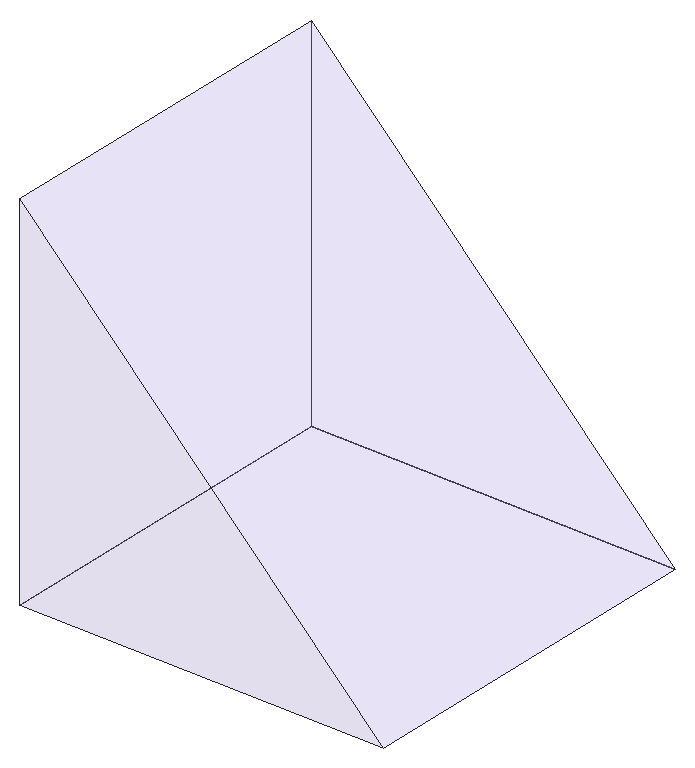
Revit family
Parameters (values of type "Right")
  Width [instance] = 9000 mm
  Mass Material [instance] = Default Mass
  Height [instance] = 9000 mm
  Depth [instance] = 9000 mm
  Default Elevation = 1219.2 mm
Reference planes
  plane 1 "Center (Front/Back)": y = 12.955
  plane 2: z = 0
  plane 3 "Center (Left/Right)": x = -30.261
  plane 4: y = 4512.955
  plane 5: x = 4469.739
  plane 6: x = -4530.261
  plane 7: y = -4487.045
  plane 8: z = 9000
Forms (mm)
  Extrusion 1, solid, material "Default Mass" <- "Mass Material"
    sketch origin (0, 12.955, 0) x (1, 0, 0) y (0, 0, 1)
      loop
        line (-4530.261, 0) -> (4469.739, 0) -> (-4530.261, 9000) -> (-4530.261, 0)
    from -4500 to 4500
Dimensions and locks
  equal spacing: plane 6, plane 3 "Center (Left/Right)", plane 5
  "Width": plane 6 to plane 5
  equal spacing: plane 4, plane 1 "Center (Front/Back)", plane 7
  "Depth": plane 4 to plane 7
  "Height": plane 8 to plane 2
  locked: level to plane 2
  aligned and locked: plane 6 to Extrusion 1 sketch curve
  aligned and locked: Extrusion 1 sketch curve to plane 2
  aligned and locked: plane 5 to Extrusion 1 sketch curve
  aligned and locked: plane 8 to Extrusion 1 sketch curve
  aligned and locked: Extrusion 1 to plane 4
  aligned and locked: Extrusion 1 to plane 7
